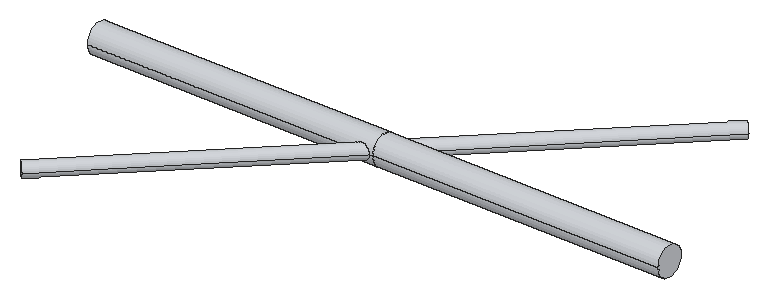
Revit family "DuctFitting_Round_Cross", category Duct Fittings, Revit 2023
Family settings
  Round Connector Dimension = Use Diameter
  Part Type = Elbow
  Work Plane-Based = No
  Always vertical = Yes
  Cut with Voids When Loaded = No
  Shared = No
Parameters
  Main Diameter [instance] = 100 mm
  Intersection to the rightside [instance] = 1000 mm
  Intersection to the leftside [instance] = 1000 mm
  Default Elevation = 0 mm
  Branch pipe length 2 [instance] = 1000 mm
  Branch pipe length 1 [instance] = 1000 mm
  Branch Diameter [instance] = 50 mm
  Angle2 [instance] = Angle  # 45.00°
  Angle [instance] = 45.00°
Reference planes
  plane 1 "Center (Front/Back)": y = 0
  plane 2: z = 0
  plane 3 "Center (Left/Right)": x = 0
Forms (mm)
  Sweep 1, solid
    path origin (0, 0, 0) x (1, 0, 0) y (0, 1, 0)
      loop
        line (1000, 0) -> (0, 0) -> (-1000, 0)
    profile origin (-500, 0, 0) x (0, -1, 0) y (0, 0, 1)
      loop
        circle (0, 0) r 50
  Sweep 2, solid
    path origin (0, 0, 0) x (1, 0, 0) y (0, 1, 0)
      loop
        line (-707.107, -707.107) -> (0, 0) -> (707.107, 707.107)
    profile origin (353.553, 353.553, 0) x (-0.707107, 0.707107, 0) y (0, 0, 1)
      loop
        circle (0, 0) r 25
Cuts and joins
  joined: Sweep 1, Sweep 2
Dimensions and locks
  "Intersection to the leftside": Sweep 1 sketch curve to Sweep 1 sketch curve
  "Intersection to the rightside": Sweep 1 sketch curve to Sweep 1 sketch curve
  "Branch pipe length 1": Sweep 2 sketch curve to Sweep 2 sketch curve
  "Branch pipe length 2": Sweep 2 sketch curve to Sweep 2 sketch curve
  "Main Diameter": diameter of Sweep 1 sketch curve
  "Branch Diameter": diameter of Sweep 2 sketch curve
  "Angle2": angle plane 1 "Center (Front/Back)" to Sweep 2 sketch curve
  "Angle": angle plane 1 "Center (Front/Back)" to Sweep 2 sketch curve
  aligned and locked: level to plane 2
Automatic sketch dimensions
  plane 1 "Center (Front/Back)" to Sweep 1 sketch curve = 0 mm
  Sweep 1 sketch curve to plane 3 "Center (Left/Right)" = 0 mm
  Sweep 1 sketch curve to level = 0 mm
  Sweep 1 sketch curve to profile plane = 0 mm
  plane 1 "Center (Front/Back)" to Sweep 2 sketch curve = 0 mm
  Sweep 2 sketch curve to plane 3 "Center (Left/Right)" = 0 mm
  Sweep 2 sketch curve to level = 0 mm
  Sweep 2 sketch curve to profile plane = 0 mm
Connectors
  hvac at (-1000, 0, 0), driven by "Main Diameter"
    settings: on cut or joined group of Sweep 1, Sweep 2, index 1, duct flow 0.0 L/s, flow factor 0, pres drop 0.0 Pa, loss coef 0, conn angle 0.00°, conn width 304.8 mm, conn height 304.8 mm, conn diameter 100 mm, duct sys type 1, conn prof type 0, flow config 0, flow direction 0, loss method 0, conn ref index -1, conn util no, is conn primary yes, conn desc ""
  hvac at (707.107, 707.107, 0), driven by "Branch Diameter"
    settings: on cut or joined group of Sweep 1, Sweep 2, index 2, duct flow 0.0 L/s, flow factor 0, pres drop 0.0 Pa, loss coef 0, conn angle 0.00°, conn width 304.8 mm, conn height 304.8 mm, conn diameter 50 mm, duct sys type 1, conn prof type 0, flow config 0, flow direction 0, loss method 0, conn ref index -1, conn util no, is conn primary no, conn desc ""
  hvac at (1000, 0, 0), driven by "Main Diameter"
    settings: on cut or joined group of Sweep 1, Sweep 2, index 3, duct flow 0.0 L/s, flow factor 0, pres drop 0.0 Pa, loss coef 0, conn angle 0.00°, conn width 304.8 mm, conn height 304.8 mm, conn diameter 100 mm, duct sys type 1, conn prof type 0, flow config 0, flow direction 0, loss method 0, conn ref index -1, conn util no, is conn primary no, conn desc ""
  hvac at (-707.107, -707.107, 0), driven by "Branch Diameter"
    settings: on cut or joined group of Sweep 1, Sweep 2, index 4, duct flow 0.0 L/s, flow factor 0, pres drop 0.0 Pa, loss coef 0, conn angle 0.00°, conn width 304.8 mm, conn height 304.8 mm, conn diameter 50 mm, duct sys type 1, conn prof type 0, flow config 0, flow direction 0, loss method 0, conn ref index -1, conn util no, is conn primary no, conn desc ""
